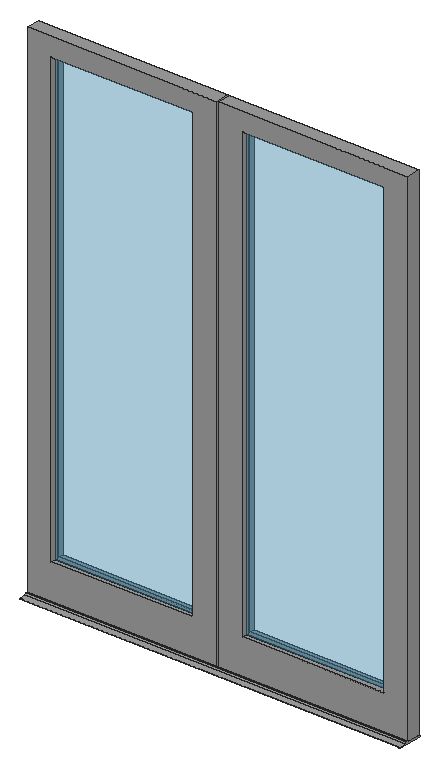
Revit family "AD-375 DOOR-Double-1-PD-SF_v05", category Curtain Panels, Revit 2015
Parameters
  Width [instance] = 6' - 2"
  URL = "obe.com"
  Rough Width [instance] = 6' - 0"
  Offset [instance] = 0' - 6"
  Model = "AD-375 DOOR"
  Min Panel Width [instance] = if(Rough Width > 5' 11 255/256", Rough Width, 6' 0")  # 6' - 0"
  Manufacturer = "Oldcastle BuildingEnvelope®"
  Keynote = "08 11 00"
  Height [instance] = 8' - 0"
  Glass Material = Glass
  Frame Material = Aluminum
  Door Panel Height [instance] = Height + 0' 0 19/32"  # 8' - 0 19/32"
  Description = "AD-375 - 1\" Door Infill"
  Assembly Code = "B2030"
  Analytic Construction = "<None>"
  6 Bottom Rail [instance] = yes
  10 Bottom Rail [instance] = not([6 Bottom Rail])  # no
Reference planes (in)
  plane 1 "Front": y = 0
  plane 2: z = 0
  plane 3 "Center (Left/Right)": x = 0
  plane 4 "Left": x = -37
  plane 5 "Right": x = 37
  plane 6 "Top": z = 96
  plane 7: x = -36
  plane 8: x = 36
Text (in)
  text "Exterior" at (-54.29358, 31.38743, 0), in view "Ref. Level"
  text "Exterior" at (480, 41.53993, 89.60405), in view "Right"
  text "Exterior" at (-240, 57.82419, 105.78864), in view "Left"
Dimensions and locks (in)
  "Height": plane 6 "Top" to plane 2
  "Width": plane 4 "Left" to plane 5 "Right"
  equal spacing: plane 4 "Left", plane 3 "Center (Left/Right)", plane 5 "Right"
  equal spacing: plane 7, plane 3 "Center (Left/Right)", plane 8
  "Min Panel Width": plane 7 to plane 8
  aligned and locked: level to plane 2
  aligned and locked: plane 3 "Center (Left/Right)" to nested 1
  aligned and locked: plane 1 "Front" to nested 1
Nested families (in)
  nested 1: "AD-375 DOOR-Double-1-PD-Panel_v04" at (0, -10, 0), Frame Material <- "Frame Material", Glass Material <- "Glass Material", 6 Bottom Rail <- "6 Bottom Rail", Height <- "Door Panel Height", Width <- "Min Panel Width", Offset <- "Offset", type "AD-375 DOOR-Double-1-PD-Panel_v04"
    with built-in parameter 1001301 6' - 0", Offset 0' - 6", built-in parameter 1001300 8' - 0 19/32", Glass Material Glass, Frame Material Aluminum, Bottom Rail 0' - 6 19/32", 6 Bottom Rail yes, 10 Bottom Rail no
Definition of nested family "AD-375 DOOR-Double-1-PD-Panel_v04"
  Parameters (values of type "AD-375 DOOR-Double-1-PD-Panel_v04")
    Width [instance] = 6' - 0"
    Offset [instance] = 0' - 11"
    Height [instance] = 7' - 0"
    Glass Material [instance] = none
    Frame Material [instance] = none
    Bottom Rail [instance] = if([10 Bottom Rail], 0' 10 19/32", 0' 6 19/32")  # 0' - 6 19/32"
    Analytic Construction = "<None>"
    6 Bottom Rail [instance] = yes
    10 Bottom Rail [instance] = not([6 Bottom Rail])  # no
  Reference planes (in)
    plane 1 "00": y = 3.5625
    plane 2: z = 0
    plane 3 "Center (Left/Right)": x = 0
    plane 4: z = 84
    plane 5: x = -36
    plane 6: x = 36
    plane 7 "Center (Front/Back)": y = 16
    plane 8 "Exterior": y = 4.0625
    plane 9: z = 42
    plane 10: z = 6.59375
    plane 11: z = 80.46875
    plane 12: z = 0
    plane 13: x = -31.87499
    plane 14: x = 31.87504
    plane 15: y = 5
  Forms (in)
    Sweep 1, solid, material <- "Frame Material"
      path origin (0, 3.5625, 0) x (1, 0, 0) y (0, 0, 1)
        loop
          line (-35.93745, 84) -> (-0.19141, 84)
      profile origin (-18.06443, 3.5625, 84) x (0, 0, 1) y (0, -1, 0)
        loop
          line (-0.59375, -1.3187) -> (-0.59375, 1.3187) -> (-3.96875, 1.3187) -> (-3.96875, 0.5) -> (-3.53125, 0.5) -> (-3.53125, -0.5) -> (-3.96875, -0.5) -> (-3.96875, -1.3187) -> (-0.59375, -1.3187)
    Sweep 2, solid, material <- "Frame Material"
      path origin (0, 3.5625, 0) x (1, 0, 0) y (0, 0, 1)
        loop
          line (-0.19141, 0) -> (-35.43058, 0)
      profile origin (-17.81099, 3.5625, 0) x (0, 0, -1) y (0, -1, 0)
        loop
          line (-0.375, 1.3187) -> (-7.125, 1.3187) -> (-7.125, 0.5) -> (-6.59375, 0.5) -> (-6.59375, -0.5) -> (-7.125, -0.5) -> (-7.125, -1.3187) -> (-0.375, -1.3187) -> (-0.375, 1.3187)
    Sweep 3, solid, material <- "Frame Material"
      path origin (0, 3.5625, 0) x (1, 0, 0) y (0, 0, 1)
        loop
          line (36, 83.40625) -> (36, 0.375)
      profile origin (36, 3.5625, 41.89062) x (0, -1, 0) y (1, 0, 0)
        loop
          line (-1.3187, -4.56246) -> (-0.5, -4.56246) -> (-0.5, -4.12496) -> (0.5, -4.12496) -> (0.5, -4.56246) -> (1.31797, -4.56246) -> (1.31797, -0.0625) -> (-1.3187, -0.0625) -> (-1.3187, -4.56246)
    Sweep 4, solid, material <- "Frame Material"
      path origin (0, 3.5625, 0) x (1, 0, 0) y (0, 0, 1)
        loop
          line (-36, 83.40625) -> (-36, 0.375)
      profile origin (-36, 3.5625, 41.89063) x (0, -1, 0) y (1, 0, 0)
        loop
          line (-1.3187, 4.56251) -> (-1.3187, 0.06255) -> (1.3187, 0.06255) -> (1.3187, 4.56251) -> (0.5, 4.56251) -> (0.5, 4.12501) -> (-0.5, 4.12501) -> (-0.5, 4.56251) -> (-1.3187, 4.56251)
    Sweep 5, solid, material <- "Frame Material"
      path origin (0, 3.5625, 0) x (1, 0, 0) y (0, 0, 1)
        loop
          line (0, 83.40625) -> (0, 0.375)
      profile origin (0, 3.5625, 41.89062) x (0, -1, 0) y (1, 0, 0)
        loop
          line (-1.3187, -4.77723) -> (-0.5, -4.77723) -> (-0.5, -4.33973) -> (0.5, -4.33973) -> (0.5, -4.77723) -> (1.31797, -4.77723) -> (1.31797, -0.19141) -> (-1.3187, -0.19141) -> (-1.3187, -4.77723)
        loop
          line (1.31797, 4.69069) -> (0.5, 4.69069) -> (0.5, 4.25319) -> (-0.5, 4.25319) -> (-0.5, 4.69069) -> (-1.31943, 4.69069) -> (-1.31943, 0.19166) -> (1.31797, 0.19166) -> (1.31797, 4.69069)
    Sweep 6, solid, material <- "Frame Material"
      path origin (0, 3.5625, 0) x (1, 0, 0) y (0, 0, 1)
        loop
          line (0.19166, 84) -> (35.9375, 84)
      profile origin (18.06458, 3.5625, 84) x (0, 0, 1) y (0, -1, 0)
        loop
          line (-0.59375, -1.3187) -> (-0.59375, 1.3187) -> (-2.30843, 1.3187) -> (-3.96875, 1.3187) -> (-3.96875, 0.5) -> (-3.53125, 0.5) -> (-3.53125, -0.5) -> (-3.96875, -0.5) -> (-3.96875, -1.3187) -> (-2.30843, -1.3187) -> (-0.59375, -1.3187)
    Sweep 7, solid, material <- "Frame Material"
      path origin (0, 3.5625, 0) x (1, 0, 0) y (0, 0, 1)
        loop
          line (35.43241, 0) -> (0.19166, 0)
      profile origin (17.81203, 3.5625, 0) x (0, 0, -1) y (0, -1, 0)
        loop
          line (-3.49593, -1.3187) -> (-0.375, -1.3187) -> (-0.375, 1.31797) -> (-7.125, 1.31797) -> (-7.125, 0.5) -> (-6.59375, 0.5) -> (-6.59375, -0.5) -> (-7.125, -0.5) -> (-7.125, -1.3187) -> (-3.49593, -1.3187)
    Extrusion 8, solid, material <- "Glass Material", detail levels medium+fine
      sketch origin (0, 0, 0) x (1, 0, 0) y (0, 1, 0)
        loop
          line (4.25319, 4.0625) -> (4.25319, 3.8145) -> (31.87504, 3.8145) -> (31.87504, 4.0625) -> (4.25319, 4.0625)
        loop
          line (31.87504, 3.0625) -> (31.87504, 3.3105) -> (4.25319, 3.3105) -> (4.25319, 3.0625) -> (31.87504, 3.0625)
      from 6.59375 to 80.46875
    Extrusion 9, solid, material <- "Glass Material", detail levels coarse
      sketch origin (0, 0, 0) x (1, 0, 0) y (0, 1, 0)
        loop
          line (4.25319, 4.0625) -> (4.25319, 3.0625) -> (31.87504, 3.0625) -> (31.87504, 4.0625) -> (4.25319, 4.0625)
      from 6.59375 to 80.46875
    Extrusion 10, solid, material <- "Glass Material", detail levels coarse
      sketch origin (0, 0, 0) x (1, 0, 0) y (0, 1, 0)
        loop
          line (-31.87499, 4.0625) -> (-31.87499, 3.0625) -> (-4.33973, 3.0625) -> (-4.33973, 4.0625) -> (-31.87499, 4.0625)
      from 6.59375 to 80.46875
    Extrusion 11, solid, material <- "Glass Material", detail levels medium+fine
      sketch origin (0, 0, 0) x (1, 0, 0) y (0, 1, 0)
        loop
          line (-31.87499, 4.0625) -> (-31.87499, 3.8145) -> (-4.33973, 3.8145) -> (-4.33973, 4.0625) -> (-31.87499, 4.0625)
        loop
          line (-31.87499, 3.3105) -> (-31.87499, 3.0625) -> (-4.33973, 3.0625) -> (-4.33973, 3.3105) -> (-31.87499, 3.3105)
      from 6.59375 to 80.46875
    Sweep 12, solid, material <- "Frame Material"
      path origin (0, 3.5625, 0) x (1, 0, 0) y (0, 0, 1)
        loop
          line (-35.93745, 0) -> (35.9375, 0)
      profile origin (0.00003, 3.5625, 0) x (0, 0, 1) y (0, -1, 0)
        loop
          line (0.256, -0.69426) -> (0.256, 1.3187) -> (0.506, 1.3187) -> (0.506, 1.73385) -> (0.256, 1.86985) -> (0.09997, 3.0264)
          arc (0.09997, 3.0264) -> (0.08866, 3.04745) -> (0.06628, 3.05585) r 0.034
          line (0.06628, 3.05585) -> (0, 3.05585) -> (0, -1.44514)
          arc (0, -1.44514) -> (0.07849, -1.40969) -> (0.1262, -1.33799) r 0.156
          line (0.1262, -1.33799) -> (0.256, -0.69426)
  Cuts and joins
    joined: Sweep 1, Sweep 2, Sweep 3, Sweep 4, Sweep 5, Sweep 6, Sweep 7
  Lines and regions (in)
    model lines
      curve 1: line (4.25319, 4.0625, 80.46875) -> (31.43754, 4.0625, 42)
      curve 2: line (31.43754, 4.0625, 42) -> (4.25319, 4.0625, 6.59375)
      curve 3: line (-4.33973, 4.0625, 80.46875) -> (-31.43749, 4.0625, 42)
      curve 4: line (-31.43749, 4.0625, 42) -> (-4.33973, 4.0625, 6.59375)
  Dimensions and locks (in)
    "Height": plane 4 to level
    locked: plane 1 "00" to plane 8 "Exterior" at 0.5
    equal spacing: level, plane 9, plane 4
    locked: plane 3 "Center (Left/Right)" to Sweep 2 sketch curve at 0.19141
    locked: Sweep 3 sketch curve to plane 4 at 0.59375
    locked: Sweep 4 sketch curve to plane 4 at 0.59375
    locked: plane 3 "Center (Left/Right)" to Sweep 1 sketch curve at 0.19141
    locked: Sweep 6 sketch curve to plane 3 "Center (Left/Right)" at 0.19166
    locked: Sweep 7 sketch curve to plane 3 "Center (Left/Right)" at 0.19166
    Sweep 5 sketch curve to plane 4 = 0' - 0 19/32"
    locked: Sweep 7 sketch curve to plane 10 at 0.53125  (x2)
    locked: Sweep 2 sketch curve to plane 10 at 0.53125  (x2)
    equal spacing: plane 4, plane 9, plane 12
    locked: plane 4 to plane 11 at 3.53125
    Extrusion 11 sketch curve to Extrusion 11 sketch curve to plane 1 "00" to Extrusion 11 sketch curve to Extrusion 11 sketch curve = 0' - 0.248" locked, 0' - 0.252" locked, 0' - 0.252" locked, 0' - 0.248" locked
    Extrusion 10 sketch curve to plane 1 "00" to Extrusion 10 sketch curve = 0' - 0 1/2" locked, 0' - 0 1/2" locked
    Extrusion 9 sketch curve to plane 1 "00" to Extrusion 9 sketch curve = 0' - 0 1/2" locked, 0' - 0 1/2" locked
    Extrusion 8 sketch curve to Extrusion 8 sketch curve to plane 1 "00" to Extrusion 8 sketch curve to Extrusion 8 sketch curve = 0' - 0.248" locked, 0' - 0.252" locked, 0' - 0.252" locked, 0' - 0.248" locked
    "Bottom Rail": plane 10 to plane 12
    locked: Extrusion 11 sketch curve to plane 3 "Center (Left/Right)" at 4.33973  (x2)
    Extrusion 10 sketch curve to plane 3 "Center (Left/Right)" = 0' - 4.33973"
    locked: plane 3 "Center (Left/Right)" to Extrusion 9 sketch curve at 4.25319
    locked: plane 3 "Center (Left/Right)" to Extrusion 8 sketch curve at 4.25319  (x2)
    locked: plane 5 to plane 13 at 4.12501
    locked: plane 14 to plane 6 at 4.12496
    locked: Sweep 2 sketch curve to plane 5 at 0.56942
    locked: plane 6 to Sweep 7 sketch curve at 0.56759
    locked: plane 6 to Sweep 6 sketch curve at 0.0625
    Sweep 1 sketch curve to plane 5 = 0' - 0.06255"
    equal spacing: plane 5, plane 3 "Center (Left/Right)", plane 6
    "Width": plane 5 to plane 6
    locked: plane 6 to Sweep 12 sketch curve at 0.0625
    locked: Sweep 12 sketch curve to plane 5 at 0.06255
    locked: plane 12 to Sweep 3 sketch curve at 0.375
    locked: plane 12 to Sweep 5 sketch curve at 0.375
    locked: plane 12 to Sweep 4 sketch curve at 0.375
    locked: plane 1 "00" to plane 15 at 1.4375
    "Offset": plane 15 to plane 7 "Center (Front/Back)"
    aligned and locked: plane 2 to level
    aligned and locked: plane 3 "Center (Left/Right)" to nested 1
    aligned and locked: Sweep 1 sketch curve to plane 4
    aligned and locked: level to nested 2
    aligned and locked: plane 3 "Center (Left/Right)" to Sweep 5 sketch curve
    aligned and locked: Sweep 7 sketch curve to level
    aligned and locked: plane 4 to Sweep 6 sketch curve
    aligned and locked: plane 11 to Extrusion 10
    aligned and locked: plane 11 to Extrusion 11
    aligned and locked: plane 11 to Extrusion 8
    aligned and locked: plane 11 to Extrusion 9
    aligned and locked: Sweep 6 sketch curve to plane 11
    aligned and locked: plane 10 to Sweep 2 sketch curve
    aligned and locked: Sweep 1 sketch curve to plane 11
    aligned and locked: Extrusion 8 to plane 10
    aligned and locked: Extrusion 9 to plane 10
    aligned and locked: Extrusion 11 to plane 10
    aligned and locked: Extrusion 10 to plane 10
    aligned and locked: Extrusion 11 to plane 13  (x2)
    aligned and locked: Extrusion 10 to plane 13
    aligned and locked: plane 14 to Extrusion 9
    aligned and locked: plane 14 to Extrusion 8  (x2)
    aligned and locked: Extrusion 8 to curve 2
    aligned and locked: plane 9 to curve 2
    aligned and locked: curve 1 to Extrusion 8
    aligned and locked: Sweep 7 sketch curve to plane 1 "00"
    aligned and locked: plane 12 to Sweep 2 sketch curve
    aligned and locked: Sweep 12 sketch curve to plane 12
    aligned and locked: plane 1 "00" to nested 1
    aligned and locked: nested 2 to plane 1 "00"
  Automatic sketch dimensions
    Sweep 1 sketch curve to Sweep 1 sketch curve = 0' - 0 7/16"  (x2)
    profile plane to Sweep 1 sketch curve = 0' - 0 19/32"
    Sweep 1 sketch curve to plane 1 "00" = 0' - 1.3187"
    Sweep 1 sketch curve to plane 1 "00" = 0' - 0 1/2"
    plane 1 "00" to Sweep 1 sketch curve = 0' - 0 1/2"
    plane 1 "00" to Sweep 1 sketch curve = 0' - 1.3187"
    Sweep 2 sketch curve to plane 1 "00" = 0' - 0 1/2"
    plane 1 "00" to Sweep 2 sketch curve = 0' - 0 1/2"
    Sweep 2 sketch curve to Sweep 2 sketch curve = 0' - 0.8187"
    Sweep 3 sketch curve to plane 6 = 0' - 0"
    Sweep 3 sketch curve to plane 1 "00" = 0' - 1.3187"
    Sweep 3 sketch curve to plane 1 "00" = 0' - 0 1/2"
    plane 1 "00" to Sweep 3 sketch curve = 0' - 0 1/2"
    Sweep 3 sketch curve to Sweep 3 sketch curve = 0' - 0.81797"
    profile plane to Sweep 3 sketch curve = 0' - 4.56246"
    Sweep 3 sketch curve to Sweep 3 sketch curve = 0' - 0"
    Sweep 3 sketch curve to Sweep 3 sketch curve = 0' - 0 7/16"
    profile plane to Sweep 3 sketch curve = 0' - 0 1/16"
    Sweep 4 sketch curve to plane 5 = 0' - 0"
    Sweep 5 sketch curve to plane 1 "00" = 0' - 1.3187"
    Sweep 5 sketch curve to Sweep 5 sketch curve = 0' - 0.00073"
    Sweep 5 sketch curve to plane 1 "00" = 0' - 0 1/2"  (x2)
    plane 1 "00" to Sweep 5 sketch curve = 0' - 0 1/2"  (x2)
    Sweep 5 sketch curve to profile plane = 0' - 0.19166"
    plane 1 "00" to Sweep 5 sketch curve = 0' - 1.31797"
    Sweep 5 sketch curve to Sweep 5 sketch curve = 0' - 0 7/16"  (x4)
    Sweep 5 sketch curve to Sweep 5 sketch curve = 0' - 4.06153"
    Sweep 6 sketch curve to Sweep 6 sketch curve = 0' - 0 7/16"  (x2)
    Sweep 6 sketch curve to Sweep 6 sketch curve = 0' - 1.22282"  (x2)
    profile plane to Sweep 6 sketch curve = 0' - 0 19/32"
    Sweep 6 sketch curve to plane 1 "00" = 0' - 1.3187"
    Sweep 6 sketch curve to plane 1 "00" = 0' - 0 1/2"
    plane 1 "00" to Sweep 6 sketch curve = 0' - 0 1/2"
    plane 1 "00" to Sweep 6 sketch curve = 0' - 1.3187"
    Sweep 7 sketch curve to Sweep 7 sketch curve = 0' - 0 17/32"
    Sweep 7 sketch curve to profile plane = 0' - 1.3187"
    Sweep 7 sketch curve to Sweep 7 sketch curve = 0' - 3.09782"
    Sweep 7 sketch curve to profile plane = 0' - 0 1/2"
    profile plane to Sweep 7 sketch curve = 0' - 0 1/2"
    profile plane to Sweep 7 sketch curve = 0' - 1.31797"
    Extrusion 8 sketch curve to plane 14 = 0' - 0"  (x2)
    Extrusion 9 sketch curve to plane 14 = 0' - 0"
    Extrusion 11 sketch curve to plane 13 = 0' - 0"  (x2)
    curve 4 to plane 9 = 0' - 0"
    curve 2 to plane 10 = 0' - 0"
    curve 4 to plane 10 = 0' - 0"
    curve 3 to plane 11 = 0' - 0"
    curve 1 to plane 11 = 0' - 0"
    plane 13 to curve 3 = 0' - 0 7/16"
    curve 2 to plane 14 = 0' - 0 7/16"
    Sweep 5 sketch curve to Sweep 5 sketch curve = 0' - 4.14832"
    profile plane to Sweep 5 sketch curve = 0' - 0 49/256"
    Sweep 5 sketch curve to Sweep 5 sketch curve = 0' - 0"
    profile plane to Sweep 7 sketch curve = 0' - 0 3/8"
    profile plane to Sweep 2 sketch curve = 0' - 0 3/8"
    Sweep 2 sketch curve to plane 1 "00" = 0' - 1.3187"
    Sweep 12 sketch curve to profile plane = 0' - 0.256"  (x2)
    Sweep 12 sketch curve to plane 1 "00" = 0' - 0.69426"
    Sweep 12 sketch curve to profile plane = 0' - 0.1262"
    Sweep 12 sketch curve to Sweep 12 sketch curve = 0' - 0.64374"
    plane 1 "00" to Sweep 12 sketch curve = 0' - 1.3187"
    profile plane to Sweep 12 sketch curve = 0' - 0.02248"
    Sweep 12 sketch curve to Sweep 12 sketch curve = 0' - 0.04722"
    Sweep 12 sketch curve to Sweep 12 sketch curve = 0' - 1.73715"
    Sweep 12 sketch curve to Sweep 12 sketch curve = 0' - 0 1/4"
    Sweep 12 sketch curve to Sweep 12 sketch curve = 0' - 0.41515"
    Sweep 12 sketch curve to Sweep 12 sketch curve = 0' - 0.136"
    Sweep 12 sketch curve to profile plane = 0' - 0.09997"
    Sweep 12 sketch curve to Sweep 12 sketch curve = 0' - 0.02945"
    Sweep 12 sketch curve to Sweep 12 sketch curve = 0' - 0.00455"
    profile plane to Sweep 12 sketch curve = 0' - 0"
    Sweep 4 sketch curve to plane 1 "00" = 0' - 1.3187"
    Sweep 4 sketch curve to plane 1 "00" = 0' - 0 1/2"
    plane 1 "00" to Sweep 4 sketch curve = 0' - 0 1/2"
    Sweep 4 sketch curve to Sweep 4 sketch curve = 0' - 0.8187"
    Sweep 4 sketch curve to profile plane = 0' - 0.06255"
    Sweep 4 sketch curve to profile plane = 0' - 4 1/8"
    Sweep 4 sketch curve to Sweep 4 sketch curve = 0' - 0 7/16"  (x2)
    Extrusion 10 sketch curve to plane 13 = 0' - 0"
    curve 3 to plane 3 "Center (Left/Right)" = 0' - 4.33973"
    curve 4 to plane 3 "Center (Left/Right)" = 0' - 4.33973"
  Nested families (in)
    nested 1: "AD-375 DOOR-Double-1-PD-Plan View_v02" at (-24, 3.5625, 0), Width <- "Width", type "AD-375 DOOR-Double-1-PD-Plan View_v02"
      with Wing Width 3' - 0", Width 6' - 0"
    nested 2: "AD-375 DOOR-Double-1-PD-Section" at (0, 3.5625, 0) x (0, -1, 0) z (1, 0, 0), 6 Bottom Rail <- "6 Bottom Rail", Height <- "Height", type "AD-375 DOOR-Double-1-PD-Section"
      with Height 7' - 0", Bottom Rail 0' - 6 19/32", 6 Bottom Rail yes, 10 Bottom Rail no
  Definition of nested family "AD-375 DOOR-Double-1-PD-Plan View_v02"
    Parameters (values of type "AD-375 DOOR-Double-1-PD-Plan View_v02")
      Wing Width [instance] = Width / 2  # 3' - 0"
      Width [instance] = 6' - 0"
    Reference planes (in)
      plane 1 "Center (Front/Back)": y = 0
      plane 2: z = 0
      plane 3 "Center (Left/Right)": x = 24
      plane 4: x = -12
      plane 5: x = -10.25
      plane 6: x = 58.25
      plane 7: x = 60
      plane 8: y = 37.6875
      plane 9: y = 33.30931
      plane 10: x = 59.9375
      plane 11: x = -11.9375
      plane 12: y = 1.6875
      plane 13: y = 37.5625
    Lines and regions (in)
      detail lines, in view "Ref. Level", not visible
        curve 1: line (-7.59349, -0.5, 0) -> (19.8008, -0.5, 0)
        curve 2: line (-7.59349, 0.5, 0) -> (19.8008, 0.5, 0)
        curve 13: line (-7.59349, 0.252, 0) -> (19.8008, 0.252, 0)
        curve 14: line (-7.59349, -0.252, 0) -> (19.8008, -0.252, 0)
        curve 15: line (55.59349, -0.5, 0) -> (28.25319, -0.5, 0)
        curve 16: line (55.59349, 0.5, 0) -> (28.25319, 0.5, 0)
        curve 27: line (55.59349, 0.252, 0) -> (28.25319, 0.252, 0)
        curve 28: line (55.59349, -0.252, 0) -> (28.25319, -0.252, 0)
      detail lines, in view "Ref. Level"
        curve 3: line (-10.75, 33.30931, 0) -> (-10.75, 5.75001, 0)
        curve 7: line (-9.75, 33.30931, 0) -> (-9.75, 5.75001, 0)
        curve 17: line (58.75, 33.30931, 0) -> (58.75, 5.74996, 0)
        curve 21: line (57.75, 33.30931, 0) -> (57.75, 5.74996, 0)
        curve 29: arc (-10.25105, 37.3708, 0) -> (14.08663, 26.15966, 0) -> (23.78201, 1.17943, 0) r 35.72313
        curve 30: arc (58.25105, 37.3708, 0) -> (33.91337, 26.15966, 0) -> (24.21799, 1.17943, 0) r 35.72313
      detail lines, in view "Ref. Level", detail levels fine
        curve 4: line (-10.688, 33.30931, 0) -> (-10.688, 5.75001, 0)
        curve 5: line (-10.626, 33.30931, 0) -> (-10.626, 5.75001, 0)
        curve 6: line (-10.564, 33.30931, 0) -> (-10.564, 5.75001, 0)
        curve 8: line (-9.936, 33.30931, 0) -> (-9.936, 5.75001, 0)
        curve 9: line (-9.874, 33.30931, 0) -> (-9.874, 5.75001, 0)
        curve 10: line (-9.812, 33.30931, 0) -> (-9.812, 5.75001, 0)
        curve 18: line (58.688, 33.30931, 0) -> (58.688, 5.74996, 0)
        curve 19: line (58.626, 33.30931, 0) -> (58.626, 5.74996, 0)
        curve 20: line (58.564, 33.30931, 0) -> (58.564, 5.74996, 0)
        curve 22: line (57.936, 33.30931, 0) -> (57.936, 5.74996, 0)
        curve 23: line (57.874, 33.30931, 0) -> (57.874, 5.74996, 0)
        curve 24: line (57.812, 33.30931, 0) -> (57.812, 5.74996, 0)
      detail lines, in view "Ref. Level", detail levels medium+fine
        curve 11: line (-10.502, 33.30931, 0) -> (-10.502, 5.75001, 0)
        curve 12: line (-9.998, 33.30931, 0) -> (-9.998, 5.75001, 0)
        curve 25: line (58.502, 33.30931, 0) -> (58.502, 5.74996, 0)
        curve 26: line (57.998, 33.30931, 0) -> (57.998, 5.74996, 0)
    Dimensions and locks (in)
      plane 6 to plane 10 to plane 7 to nested 1 = 0' - 1 11/16" locked, 0' - 0 1/16" locked, 0' - 2.53155" locked
      nested 2 to plane 4 to plane 11 to plane 5 = 0' - 2.5315" locked, 0' - 0 1/16" locked, 0' - 1 11/16" locked
      "Width": plane 4 to plane 7
      equal spacing: plane 4, plane 3 "Center (Left/Right)", plane 7
      "Wing Width": plane 12 to plane 8
      plane 9 to plane 13 to plane 8 = 0' - 4.25319" locked, 0' - 0 1/8" locked
      nested 3 to plane 1 "Center (Front/Back)" to plane 12 = 0' - 0.90655" locked, 0' - 1 11/16" locked
      locked: nested 4 to plane 1 "Center (Front/Back)" at 0.9065
      aligned and locked: nested 4 to plane 5
      aligned and locked: plane 6 to nested 3
      aligned and locked: nested 1 to plane 1 "Center (Front/Back)"
      aligned and locked: plane 1 "Center (Front/Back)" to nested 2
      aligned and locked: nested 6 to plane 1 "Center (Front/Back)"
      aligned and locked: nested 5 to plane 1 "Center (Front/Back)"
      aligned and locked: nested 6 to plane 3 "Center (Left/Right)"
      aligned and locked: nested 5 to plane 3 "Center (Left/Right)"
      aligned and locked: nested 7 to plane 5
      aligned and locked: plane 13 to nested 7
      aligned and locked: plane 6 to nested 8
      aligned and locked: nested 8 to plane 13
    Automatic sketch dimensions
      curve 29 to plane 11 = 0' - 0"
      plane 9 to curve 3 = 0' - 0"
      plane 9 to curve 4 = 0' - 0"
      plane 9 to curve 5 = 0' - 0"
      plane 9 to curve 6 = 0' - 0"
      plane 9 to curve 11 = 0' - 0"
      plane 9 to curve 12 = 0' - 0"
      plane 9 to curve 8 = 0' - 0"
      plane 9 to curve 9 = 0' - 0"
      plane 9 to curve 10 = 0' - 0"
      plane 9 to curve 7 = 0' - 0"
      plane 9 to curve 21 = 0' - 0"
      plane 9 to curve 24 = 0' - 0"
      plane 9 to curve 23 = 0' - 0"
      plane 9 to curve 22 = 0' - 0"
      plane 9 to curve 26 = 0' - 0"
      plane 9 to curve 25 = 0' - 0"
      plane 9 to curve 20 = 0' - 0"
      plane 9 to curve 19 = 0' - 0"
      plane 9 to curve 18 = 0' - 0"
      plane 9 to curve 17 = 0' - 0"
      curve 30 to plane 10 = 0' - 0"
      plane 12 to curve 29 = 0' - 0"
      plane 12 to curve 30 = 0' - 0"
      plane 5 to curve 3 = 0' - 0 1/2"
      curve 3 to curve 4 = 0' - 0.062"
      curve 4 to curve 5 = 0' - 0.062"
      curve 5 to curve 6 = 0' - 0.062"
      curve 6 to curve 11 = 0' - 0.062"
      plane 5 to curve 29 = 0' - 0.00105"
      curve 12 to plane 5 = 0' - 0.252"
      curve 12 to curve 8 = 0' - 0.062"
      curve 8 to curve 9 = 0' - 0.062"
      curve 9 to curve 10 = 0' - 0.062"
      curve 10 to curve 7 = 0' - 0.062"
      plane 1 "Center (Front/Back)" to curve 14 = 0' - 0.252"
      curve 14 to plane 5 = 0' - 2.65651"
      curve 2 to curve 14 = 0' - 0"  (x2)
      curve 13 to curve 2 = 0' - 0"  (x2)
      curve 1 to curve 14 = 0' - 0"  (x2)
      curve 14 to plane 3 "Center (Left/Right)" = 0' - 4.1992"
      curve 29 to plane 3 "Center (Left/Right)" = 0' - 0.21799"
      plane 3 "Center (Left/Right)" to curve 30 = 0' - 0.21799"
      curve 27 to plane 1 "Center (Front/Back)" = 0' - 0.252"
      curve 30 to curve 27 = 0' - 4.0352"
      curve 15 to curve 27 = 0' - 0"
      curve 28 to curve 15 = 0' - 0"
      curve 16 to curve 27 = 0' - 0"
      plane 1 "Center (Front/Back)" to curve 28 = 0' - 0.252"
      curve 28 to plane 6 = 0' - 2.65651"
      curve 16 to curve 28 = 0' - 0"
      curve 15 to curve 28 = 0' - 0"
      curve 27 to curve 16 = 0' - 0"
      curve 21 to plane 6 = 0' - 0 1/2"
      curve 21 to curve 24 = 0' - 0.062"
      curve 24 to curve 23 = 0' - 0.062"
      curve 23 to curve 22 = 0' - 0.062"
      curve 22 to curve 26 = 0' - 0.062"
      plane 6 to curve 30 = 0' - 0.00105"
      plane 6 to curve 25 = 0' - 0.252"
      curve 25 to curve 20 = 0' - 0.062"
      curve 20 to curve 19 = 0' - 0.062"
      curve 19 to curve 18 = 0' - 0.062"
      curve 18 to curve 17 = 0' - 0.062"
      plane 12 to curve 30 = 0' - 0.50807"
      curve 29 to curve 30 = 0' - 0"
      curve 27 to curve 16 = 0' - 0.248"
      curve 2 to plane 1 "Center (Front/Back)" = 0' - 0 1/2"
      curve 13 to curve 2 = 0' - 0.248"
      curve 15 to curve 28 = 0' - 0.248"
      curve 1 to curve 14 = 0' - 0.248"
      curve 26 to plane 12 = 0' - 4.06246"
      curve 26 to curve 25 = 0' - 0"
      curve 24 to curve 26 = 0' - 0"
      curve 24 to curve 23 = 0' - 0"
      curve 23 to curve 22 = 0' - 0"
      curve 21 to curve 24 = 0' - 0"
      curve 25 to curve 20 = 0' - 0"
      curve 20 to curve 19 = 0' - 0"
      curve 19 to curve 18 = 0' - 0"
      curve 18 to curve 17 = 0' - 0"
      curve 5 to plane 12 = 0' - 4 1/16"
      curve 5 to curve 10 = 0' - 0"
      curve 3 to curve 5 = 0' - 0"
      curve 3 to curve 4 = 0' - 0"
      curve 5 to curve 11 = 0' - 0"
      curve 5 to curve 6 = 0' - 0"
      curve 12 to curve 10 = 0' - 0"
      curve 9 to curve 10 = 0' - 0"
      curve 8 to curve 9 = 0' - 0"
      curve 10 to curve 7 = 0' - 0"
    Nested families (in)
      nested 1: "HINGE-PD-DI" at (62.53155, 0, 0) x (-1, 0, 0) z (0, 0, 1), type "HINGE-PD-DI", in view "Ref. Level", not visible
      nested 2: "HINGE-PD-DI" at (-14.5315, 0, 0), type "HINGE-PD-DI", in view "Ref. Level", not visible
      nested 3: "HINGE-PD-DI" at (58.25, -0.90655, 0) x (0, 1, 0) z (0, 0, 1), type "HINGE-PD-DI", in view "Ref. Level"
      nested 4: "HINGE-PD-DI" at (-10.25, -0.9065, 0) x (0, 1, 0) z (0, 0, 1), type "HINGE-PD-DI", in view "Ref. Level"
      nested 5: "M STILE L-DI" at (24, 0, 0) x (-1, 0, 0) z (0, 0, 1), type "M STILE L-DI", in view "Ref. Level", not visible
      nested 6: "M STILE R-DI" at (24, 0, 0) x (-1, 0, 0) z (0, 0, 1), type "M STILE R-DI", in view "Ref. Level", not visible
      nested 7: "M STILE R-DI" at (-10.25, 37.5625, 0) x (0, 1, 0) z (0, 0, 1), type "M STILE R-DI", in view "Ref. Level"
      nested 8: "M STILE R-DI" at (58.25, 37.5625, 0) x (0, 1, 0) z (0, 0, 1), type "M STILE R-DI", in view "Ref. Level"
    Definition of nested family "HINGE-PD-DI"
      Reference planes (in)
        plane 1 "Center (Front/Back)": y = 0
        plane 2: z = 0
        plane 3 "Center (Left/Right)": x = 0
      Lines and regions (in)
        detail lines, in view "Ref. Level"
          curve 1: arc (2.91656, 1.3187, 0) -> (2.85213, 1.29314, 0) -> (2.82273, 1.23036, 0) r 0.094
          curve 2: line (2.82052, 1.19368, 0) -> (2.82273, 1.23036, 0)
          curve 3: line (2.82052, 0.4063, 0) -> (2.82052, 1.19368, 0)
          curve 4: arc (2.81569, 0.4063, 0) -> (2.73, 0.37231, 0) -> (2.69091, 0.28882, 0) r 0.125
          curve 5: line (2.59405, -1.3187, 0) -> (2.69091, 0.28882, 0)
          curve 6: line (7.09401, -1.3187, 0) -> (2.59405, -1.3187, 0)
          curve 7: line (7.09401, -0.5, 0) -> (7.09401, -1.3187, 0)
          curve 8: line (6.65651, -0.5, 0) -> (7.09401, -0.5, 0)
          curve 9: line (6.65651, 0.5, 0) -> (6.65651, -0.5, 0)
          curve 10: line (7.09401, 0.5, 0) -> (6.65651, 0.5, 0)
          curve 11: line (7.09401, 1.3187, 0) -> (7.09401, 0.5, 0)
          curve 12: line (2.91656, 1.3187, 0) -> (7.09401, 1.3187, 0)
    Definition of nested family "M STILE L-DI"
      Reference planes (in)
        plane 1 "Center (Front/Back)": y = 0
        plane 2: z = 0
        plane 3 "Center (Left/Right)": x = 0
      Lines and regions (in)
        detail lines, in view "Ref. Level"
          curve 1: arc (0.29936, 1.31943, 0) -> (0.10489, 0.00132, 0) -> (0.29121, -1.31797, 0) r 4.66203
          curve 2: line (4.69069, 1.31943, 0) -> (0.29936, 1.31943, 0)
          curve 3: line (4.69069, 0.5, 0) -> (4.69069, 1.31943, 0)
          curve 4: line (4.25319, 0.5, 0) -> (4.69069, 0.5, 0)
          curve 5: line (4.25319, -0.5, 0) -> (4.25319, 0.5, 0)
          curve 6: line (4.69069, -0.5, 0) -> (4.25319, -0.5, 0)
          curve 7: line (4.69069, -1.31797, 0) -> (4.69069, -0.5, 0)
          curve 8: line (0.29121, -1.31797, 0) -> (4.69069, -1.31797, 0)
    Definition of nested family "M STILE R-DI"
      Reference planes (in)
        plane 1 "Center (Front/Back)": y = 0
        plane 2: z = 0
        plane 3 "Center (Left/Right)": x = 0
      Lines and regions (in)
        detail lines, in view "Ref. Level"
          curve 1: arc (-0.29121, -1.31797, 0) -> (-0.1917, 0.00105, 0) -> (-0.29936, 1.31943, 0) r 8.44611
          curve 2: line (-4.69069, 1.31943, 0) -> (-0.29936, 1.31943, 0)
          curve 3: line (-4.69069, 0.5, 0) -> (-4.69069, 1.31943, 0)
          curve 4: line (-4.25319, -0.5, 0) -> (-4.25319, 0.5, 0)
          curve 5: line (-4.25319, 0.5, 0) -> (-4.69069, 0.5, 0)
          curve 6: line (-4.69069, -0.5, 0) -> (-4.25319, -0.5, 0)
          curve 7: line (-4.69069, -1.31797, 0) -> (-4.69069, -0.5, 0)
          curve 8: line (-0.29121, -1.31797, 0) -> (-4.69069, -1.31797, 0)
  Definition of nested family "AD-375 DOOR-Double-1-PD-Section"
    Parameters (values of type "AD-375 DOOR-Double-1-Section")
      Height [instance] = 8' - 0"
      Bottom Rail [instance] = if([10 Bottom Rail], 0' 10 19/32", 0' 6 19/32")  # 0' - 10 19/32"
      6 Bottom Rail [instance] = no
      10 Bottom Rail [instance] = not([6 Bottom Rail])  # yes
    Reference planes (in)
      plane 1 "Center (Front/Back)": y = 0
      plane 2: z = 0
      plane 3 "Center (Left/Right)": x = 0
      plane 4: y = 92.46875
      plane 5: y = 96
      plane 6: y = 10.59375
    Lines and regions (in)
      detail lines, in view "Ref. Level"
        curve 1: line (-0.5, 92.46875, 0) -> (-0.5, 10.59375, 0)
        curve 10: line (0.5, 92.46875, 0) -> (0.5, 10.59375, 0)
      detail lines, in view "Ref. Level", detail levels fine
        curve 2: line (-0.438, 92.46875, 0) -> (-0.438, 10.59375, 0)
        curve 3: line (-0.376, 92.46875, 0) -> (-0.376, 10.59375, 0)
        curve 4: line (-0.314, 92.46875, 0) -> (-0.314, 10.59375, 0)
        curve 7: line (0.314, 92.46875, 0) -> (0.314, 10.59375, 0)
        curve 8: line (0.376, 92.46875, 0) -> (0.376, 10.59375, 0)
        curve 9: line (0.438, 92.46875, 0) -> (0.438, 10.59375, 0)
      detail lines, in view "Ref. Level", detail levels medium+fine
        curve 5: line (-0.252, 92.46875, 0) -> (-0.252, 10.59375, 0)
        curve 6: line (0.252, 92.46875, 0) -> (0.252, 10.59375, 0)
    Dimensions and locks (in)
      nested 1 to plane 5 to plane 4 = 0' - 3 5/32" locked, 0' - 3 17/32" locked
      "Height": plane 1 "Center (Front/Back)" to plane 5
      "Bottom Rail": plane 1 "Center (Front/Back)" to plane 6
      aligned and locked: plane 3 "Center (Left/Right)" to nested 2
      aligned and locked: plane 3 "Center (Left/Right)" to nested 3
      aligned and locked: plane 4 to curve 1
      aligned and locked: plane 4 to curve 2
      aligned and locked: plane 4 to curve 3
      aligned and locked: plane 4 to curve 4
      aligned and locked: plane 4 to curve 5
      aligned and locked: plane 4 to curve 6
      aligned and locked: plane 4 to curve 7
      aligned and locked: plane 4 to curve 8
      aligned and locked: plane 4 to curve 9
      aligned and locked: plane 4 to curve 10
      aligned and locked: plane 3 "Center (Left/Right)" to nested 1
      aligned and locked: plane 6 to curve 10
      aligned and locked: plane 1 "Center (Front/Back)" to nested 2
      aligned and locked: plane 1 "Center (Front/Back)" to nested 3
    Automatic sketch dimensions
      curve 1 to plane 3 "Center (Left/Right)" = 0' - 0 1/2"
      curve 1 to curve 2 = 0' - 0.062"
      curve 2 to curve 3 = 0' - 0.062"
      curve 3 to curve 4 = 0' - 0.062"
      curve 4 to curve 5 = 0' - 0.062"
      plane 3 "Center (Left/Right)" to curve 6 = 0' - 0.252"
      curve 6 to curve 7 = 0' - 0.062"
      curve 7 to curve 8 = 0' - 0.062"
      curve 8 to curve 9 = 0' - 0.062"
      curve 9 to curve 10 = 0' - 0.062"
      curve 1 to curve 10 = 0' - 0"
      curve 9 to curve 10 = 0' - 0"
      curve 1 to curve 2 = 0' - 0"
      curve 8 to curve 9 = 0' - 0"
      curve 2 to curve 3 = 0' - 0"
      curve 7 to curve 8 = 0' - 0"
      curve 3 to curve 4 = 0' - 0"
      curve 6 to curve 7 = 0' - 0"
      curve 4 to curve 5 = 0' - 0"
    Nested families (in)
      nested 1: "TOP RAIL HINGE" at (0, 99.15625, 0), type "TOP RAIL-DI", in view "Ref. Level"
      nested 2: "6 BOTTOM RAIL" at (0, 7.12504, 0), visible <- "6 Bottom Rail", type "8 BOTTOM RAIL", in view "Ref. Level"
      nested 3: "10 BOTTOM RAIL" at (0, 11.12508, 0), visible <- "10 Bottom Rail", type "10 BOTTOM RAIL", in view "Ref. Level"
    Definition of nested family "TOP RAIL HINGE"
      Reference planes (in)
        plane 1 "Center (Front/Back)": y = 0
        plane 2: z = 0
        plane 3 "Center (Left/Right)": x = 0
      Lines and regions (in)
        detail lines, in view "Ref. Level"
          curve 1: line (1.3187, -3.875, 0) -> (-1.2884, -3.875, 0)
          curve 2: line (-1.2884, -3.875, 0) -> (-1.2884, -7.125, 0)
          curve 3: line (-1.2884, -7.125, 0) -> (-0.5, -7.125, 0)
          curve 4: line (-0.5, -7.125, 0) -> (-0.5, -6.6875, 0)
          curve 5: line (-0.5, -6.6875, 0) -> (0.5, -6.6875, 0)
          curve 6: line (0.5, -6.6875, 0) -> (0.5, -7.125, 0)
          curve 7: line (0.5, -7.125, 0) -> (1.3187, -7.125, 0)
          curve 8: line (1.3187, -7.125, 0) -> (1.3187, -3.875, 0)
    Definition of nested family "6 BOTTOM RAIL"
      Types (2): name
        6 BOTTOM RAIL
        8 BOTTOM RAIL
      Reference planes (in)
        plane 1 "Center (Front/Back)": y = 0
        plane 2: z = 0
        plane 3 "Center (Left/Right)": x = 0
      Lines and regions (in)
        detail lines, in view "Ref. Level"
          curve 1: line (0.5, -0.53204, 0) -> (-0.5, -0.53204, 0)
          curve 2: line (-0.5, -0.53204, 0) -> (-0.5, 0, 0)
          curve 3: line (-0.5, 0, 0) -> (-1.2884, 0, 0)
          curve 4: line (-1.2884, 0, 0) -> (-1.2884, -6.75004, 0)
          curve 5: line (-1.2884, -6.75004, 0) -> (1.3187, -6.75004, 0)
          curve 6: line (1.3187, -6.75004, 0) -> (1.3187, 0, 0)
          curve 7: line (1.3187, 0, 0) -> (0.5, 0, 0)
          curve 8: line (0.5, 0, 0) -> (0.5, -0.53204, 0)
          curve 9: line (0.5, -0.53204, 0) -> (-0.5, -0.53204, 0)
          curve 10: line (-0.5, -0.53204, 0) -> (-0.5, 0, 0)
          curve 11: line (-0.5, 0, 0) -> (-1.2884, 0, 0)
          curve 12: line (-1.2884, 0, 0) -> (-1.2884, -6.75004, 0)
          curve 13: line (-1.2884, -6.75004, 0) -> (1.3187, -6.75004, 0)
          curve 14: line (1.3187, -6.75004, 0) -> (1.3187, 0, 0)
          curve 15: line (1.3187, 0, 0) -> (0.5, 0, 0)
          curve 16: line (-0.69426, -6.86904, 0) -> (1.3187, -6.86904, 0)
          curve 17: line (-1.33799, -6.99884, 0) -> (-0.69426, -6.86904, 0)
          curve 18: arc (-1.33799, -6.99884, 0) -> (-1.40969, -7.04655, 0) -> (-1.44514, -7.12504, 0) r 0.156
          curve 19: line (3.05585, -7.12504, 0) -> (-1.44514, -7.12504, 0)
          curve 20: arc (3.05585, -7.05876, 0) -> (3.04745, -7.03638, 0) -> (3.0264, -7.02507, 0) r 0.034
          curve 21: line (3.05585, -7.05876, 0) -> (3.05585, -7.12504, 0)
          curve 22: line (1.86985, -6.86904, 0) -> (3.0264, -7.02507, 0)
          curve 23: line (1.73385, -6.61904, 0) -> (1.86985, -6.86904, 0)
          curve 24: line (1.3187, -6.61904, 0) -> (1.73385, -6.61904, 0)
          curve 25: line (1.3187, -6.86904, 0) -> (1.3187, -6.61904, 0)
    Definition of nested family "10 BOTTOM RAIL"
      Reference planes (in)
        plane 1 "Center (Front/Back)": y = 0
        plane 2: z = 0
        plane 3 "Center (Left/Right)": x = 0
      Lines and regions (in)
        detail lines, in view "Ref. Level"
          curve 1: line (-1.2884, 0, 0) -> (-1.2884, -10.75008, 0)
          curve 2: line (-1.2884, -10.75008, 0) -> (1.3187, -10.75008, 0)
          curve 3: line (1.3187, -10.75008, 0) -> (1.3187, 0, 0)
          curve 4: line (1.3187, 0, 0) -> (0.5, 0, 0)
          curve 5: line (0.5, 0, 0) -> (0.5, -0.53204, 0)
          curve 6: line (0.5, -0.53204, 0) -> (-0.5, -0.53204, 0)
          curve 7: line (-0.5, -0.53204, 0) -> (-0.5, 0, 0)
          curve 8: line (-0.5, 0, 0) -> (-1.2884, 0, 0)
          curve 9: line (0.5, -0.53204, 0) -> (-0.5, -0.53204, 0)
          curve 10: line (-0.5, -0.53204, 0) -> (-0.5, 0, 0)
          curve 11: line (-0.5, 0, 0) -> (-1.2884, 0, 0)
          curve 12: line (-1.2884, 0, 0) -> (-1.2884, -10.75008, 0)
          curve 13: line (-1.2884, -10.75008, 0) -> (1.3187, -10.75008, 0)
          curve 14: line (1.3187, -10.75008, 0) -> (1.3187, 0, 0)
          curve 15: line (1.3187, 0, 0) -> (0.5, 0, 0)
          curve 16: line (0.5, 0, 0) -> (0.5, -0.53204, 0)
          curve 17: line (-0.69426, -10.86908, 0) -> (1.3187, -10.86908, 0)
          curve 18: line (-1.33799, -10.99888, 0) -> (-0.69426, -10.86908, 0)
          curve 19: arc (-1.33799, -10.99888, 0) -> (-1.40969, -11.0466, 0) -> (-1.44514, -11.12508, 0) r 0.156
          curve 20: line (3.05585, -11.12508, 0) -> (-1.44514, -11.12508, 0)
          curve 21: line (3.05585, -11.0588, 0) -> (3.05585, -11.12508, 0)
          curve 22: arc (3.05585, -11.0588, 0) -> (3.04745, -11.03643, 0) -> (3.0264, -11.02511, 0) r 0.034
          curve 23: line (1.86985, -10.86908, 0) -> (3.0264, -11.02511, 0)
          curve 24: line (1.73385, -10.61908, 0) -> (1.86985, -10.86908, 0)
          curve 25: line (1.3187, -10.61908, 0) -> (1.73385, -10.61908, 0)
          curve 26: line (1.3187, -10.86908, 0) -> (1.3187, -10.61908, 0)
